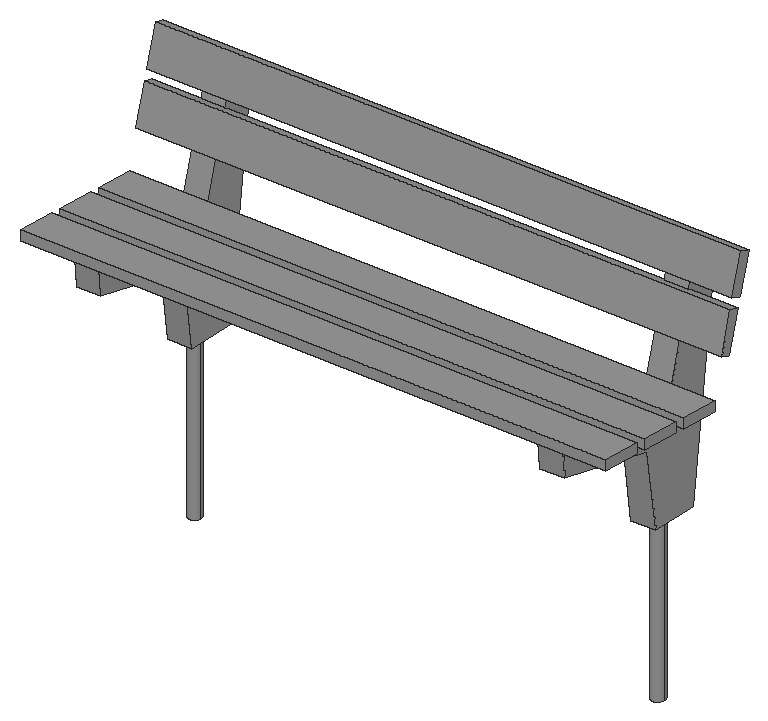
Revit family "Скамейка бетонная «Ребус» Арт 13265", category Антураж, Revit 2018
Family settings
  На основе рабочей плоскости = Нет
  Всегда вертикально = Да
  При загрузке вырезать с полостями = Нет
  Источник визуального образа = Геометрия семейства
  Общий = Нет
  Точка расчета площади = Нет
Parameters (values of type "Версия 1,8 м")
  Ширина = 610 mm  # constant formula
  Цвет опор = Бетон
  Описание = if([Версия 1,5 м], "Скамейка бетонная «Ребус». Версия 1,5 м", "Скамейка бетонная «Ребус». Версия 1,8 м")  # "Скамейка бетонная «Ребус». Версия 1,8 м"
  Материал изделия = "Бетон, дерево"  # constant formula
  Изображение типоразмера = Скамейка бетонная «Ребус» Арт 13265.jpg
  Изготовитель = "ООО «Хоббика»"  # constant formula
  Длина = if([Версия 1,5 м], 1500 mm, 1800 mm)  # 1800 mm
  Группа модели = "Скамейки"  # constant formula
  Высота = 760 mm  # constant formula
  Весрия 1,8 м = not([Версия 1,5 м])  # yes
  Версия 1,5 м = no
  Артикул товара = "Арт. 13265"  # constant formula
  URL = "https://hobbyka.ru/product/skameyka_rebus_betonnaya/"
Types (3, lengths in mm): name | Описание | Длина | Весрия 1,8 м | Версия 1,5 м
  (no name) | "Скамейка бетонная «Ребус». Версия 1,8 м" | 1800 | yes | no
  Версия 1,5 м | "Скамейка бетонная «Ребус». Версия 1,5 м" | 1500 | no | yes
  Версия 1,8 м | "Скамейка бетонная «Ребус». Версия 1,8 м" | 1800 | yes | no
Reference planes
  plane 1 "По центру (Вперед/Назад)": y = 0
  plane 2: z = 0
  plane 3 "По центру (Влево/Вправо)": x = 0
  plane 4: x = 1800
  plane 5: x = 225
  plane 6: x = 1575
  plane 7: x = 150
  plane 8: x = 1650
  plane 9: y = 610
  plane 10: z = 760
  plane 11: x = 187.5
  plane 12: x = 1612.5
Forms (mm)
  Extrusion 1, solid, material "Бетон" <- "Цвет опор"
    sketch origin (0, 0, 0) x (0, 1, 0) y (0, 0, 1)
      loop
        line (610, 695) -> (539.523, 720.652) -> (436.159, 360.178) -> (21.728, 381.898) -> (29.136, 297.221) -> (347.034, 229.65) -> (379.309, 0) -> (524.309, 0) -> (610, 695)
    from 150 to 225
  Extrusion 2, solid, material "Бетон" <- "Цвет опор"
    sketch origin (0, 0, 0) x (0, 1, 0) y (0, 0, 1)
      loop
        line (610, 695) -> (539.523, 720.652) -> (436.159, 360.178) -> (21.728, 381.898) -> (29.136, 297.221) -> (347.034, 229.65) -> (379.309, 0) -> (524.309, 0) -> (610, 695)
    from 1575 to 1650
  Extrusion 3, solid, material "Бетон" <- "Цвет опор"
    sketch origin (0, 0, 0) x (1, 0, 0) y (0, 1, 0)
      loop
        circle (187.5, 436.159) r 19.96
    from 0 to -500
  Extrusion 4, solid, material "Бетон" <- "Цвет опор"
    sketch origin (0, 0, 0) x (1, 0, 0) y (0, 1, 0)
      loop
        circle (1612.5, 436.159) r 20
    from 0 to -500
  Extrusion 5, solid, material "Дерево"
    sketch origin (0, 0, 0) x (0, 1, 0) y (0, 0, 1)
      loop
        line (548.466, 751.838) -> (519.628, 760.107) -> (486.551, 644.755) -> (515.389, 636.486) -> (548.466, 751.838)
      loop
        line (419.42, 361.056) -> (420.99, 391.015) -> (301.155, 397.295) -> (299.585, 367.336) -> (419.42, 361.056)
      loop
        line (478.282, 615.918) -> (445.206, 500.566) -> (474.043, 492.297) -> (507.12, 607.648) -> (478.282, 615.918)
      loop
        line (1.566, 412.996) -> (-0.004, 383.037) -> (119.831, 376.756) -> (121.401, 406.715) -> (1.566, 412.996)
      loop
        line (151.36, 405.145) -> (149.79, 375.186) -> (269.626, 368.906) -> (271.196, 398.865) -> (151.36, 405.145)
    from 0 to 1800
Dimensions and locks
  locked: plane 3 "По центру (Влево/Вправо)" to plane 7 at 150
  locked: plane 7 to plane 5 at 75
  locked: plane 8 to plane 4 at 150
  locked: plane 6 to plane 8 at 75
  "Длина": plane 3 "По центру (Влево/Вправо)" to plane 4
  "Ширина": plane 9 to plane 1 "По центру (Вперед/Назад)"
  "Высота": plane 10 to plane 2
  equal spacing: plane 7, plane 11, plane 5
  equal spacing: plane 6, plane 12, plane 8
  aligned and locked: level to plane 2
  aligned and locked: plane 5 to Extrusion 1
  aligned and locked: Extrusion 1 to plane 7
  aligned and locked: plane 8 to Extrusion 2
  aligned and locked: Extrusion 2 to plane 6
  aligned and locked: plane 4 to Extrusion 5
Automatic sketch dimensions
  Extrusion 1 sketch curve to level = 0 mm
  Extrusion 1 sketch curve to plane 9 = 0 mm
  Extrusion 1 sketch curve to plane 9 = 70.477 mm
  Extrusion 1 sketch curve to plane 9 = 85.691 mm
  Extrusion 1 sketch curve to plane 9 = 173.841 mm
  Extrusion 1 sketch curve to Extrusion 1 sketch curve = 145 mm
  Extrusion 1 sketch curve to Extrusion 1 sketch curve = 89.125 mm
  Extrusion 1 sketch curve to plane 1 "По центру (Вперед/Назад)" = 29.136 mm
  Extrusion 1 sketch curve to plane 1 "По центру (Вперед/Назад)" = 21.728 mm
  level to Extrusion 1 sketch curve = 229.65 mm
  level to Extrusion 1 sketch curve = 297.221 mm
  Extrusion 1 sketch curve to Extrusion 1 sketch curve = 130.528 mm
  Extrusion 1 sketch curve to Extrusion 1 sketch curve = 84.677 mm
  Extrusion 1 sketch curve to plane 10 = 65 mm
  Extrusion 1 sketch curve to plane 10 = 39.348 mm
  Extrusion 2 sketch curve to level = 0 mm
  Extrusion 2 sketch curve to plane 9 = 0 mm
  Extrusion 2 sketch curve to plane 9 = 70.477 mm
  Extrusion 2 sketch curve to plane 9 = 85.691 mm
  Extrusion 2 sketch curve to plane 9 = 173.841 mm
  Extrusion 2 sketch curve to Extrusion 2 sketch curve = 145 mm
  Extrusion 2 sketch curve to Extrusion 2 sketch curve = 89.125 mm
  Extrusion 2 sketch curve to plane 1 "По центру (Вперед/Назад)" = 29.136 mm
  Extrusion 2 sketch curve to plane 1 "По центру (Вперед/Назад)" = 21.728 mm
  level to Extrusion 2 sketch curve = 229.65 mm
  level to Extrusion 2 sketch curve = 297.221 mm
  Extrusion 2 sketch curve to Extrusion 2 sketch curve = 130.528 mm
  Extrusion 2 sketch curve to Extrusion 2 sketch curve = 84.677 mm
  Extrusion 2 sketch curve to plane 10 = 65 mm
  Extrusion 2 sketch curve to plane 10 = 39.348 mm
  Extrusion 3 sketch curve to plane 11 = 0 mm
  Extrusion 3 sketch curve to plane 9 = 173.841 mm
  Extrusion 4 sketch curve to plane 12 = 0 mm
  Extrusion 4 sketch curve to plane 9 = 173.841 mm
  Extrusion 5 sketch curve to plane 1 "По центру (Вперед/Назад)" = 1.566 mm
  plane 10 to Extrusion 5 sketch curve = 0.107 mm
  plane 1 "По центру (Вперед/Назад)" to Extrusion 5 sketch curve = 0.004 mm
  Extrusion 5 sketch curve to Extrusion 5 sketch curve = 33.076 mm
  Extrusion 5 sketch curve to plane 10 = 115.245 mm
  Extrusion 5 sketch curve to plane 10 = 8.162 mm
  Extrusion 5 sketch curve to Extrusion 5 sketch curve = 28.838 mm  (x2)
  Extrusion 5 sketch curve to Extrusion 5 sketch curve = 6.28 mm  (x3)
  Extrusion 5 sketch curve to Extrusion 5 sketch curve = 1.57 mm  (x4)
  Extrusion 5 sketch curve to Extrusion 5 sketch curve = 109.552 mm
  Extrusion 5 sketch curve to Extrusion 5 sketch curve = 8.269 mm  (x2)
  Extrusion 5 sketch curve to Extrusion 5 sketch curve = 24.215 mm
  Extrusion 5 sketch curve to Extrusion 5 sketch curve = 119.836 mm  (x2)
  Extrusion 5 sketch curve to plane 1 "По центру (Вперед/Назад)" = 119.831 mm
  Extrusion 5 sketch curve to Extrusion 5 sketch curve = 29.959 mm  (x2)
  Extrusion 5 sketch curve to plane 10 = 144.082 mm
  radius of Extrusion 3 sketch curve = 19.96 mm
  radius of Extrusion 4 sketch curve = 20 mm
